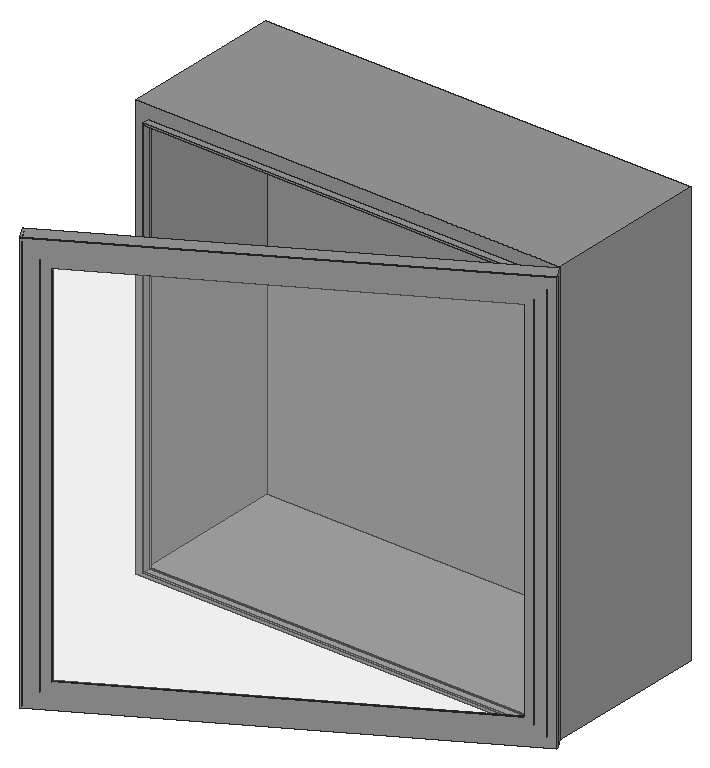
Revit family "Hager-Orion_Inox-IP66-D210-Cl.I-Inox_encl-630A-500mm-NoHosted-CH-it", category Equipement électrique, Revit 2020
Family settings
  Configuration du panneau = Deux colonnes, circuits au sein
  Cote de connecteur circulaire = Utiliser le diamètre
  Type d'élément = Tableau de raccordement
  Basée sur le plan de construction = Oui
  Toujours verticalement = Oui
  Couper avec des vides une fois chargée = Non
  Partagée = Non
  Point de calcul de pièce = Non
Parameters (values of type "A parete IP66 L500 A500 P210  - FL023TWL")
  Width Control [instance] = if([EF000008 - Larghezza] > Min Width, [EF000008 - Larghezza], Min Width)  # 500 mm
  Commentaires du type = [HG000003 - Gamma]  # "Orion Inox"
  Thickness Door [instance] = if([EF009171 - spessore materiale porta/coperchio] > 3 mm, 3 mm, [EF009171 - spessore materiale porta/coperchio])  # 1.5 mm
  Seal Frame Offset [instance] = 17 mm  # constant formula
  Min Width [instance] = 100 mm  # constant formula
  Min Depth [instance] = (2 * [EF009170 - spessore materiale scatola]) + 1 mm  # 4 mm
  Min Height [instance] = 100 mm  # constant formula
  Internal Frame Depth [instance] = -(Door System Depth * 0.5)  # -9 mm
  Panel Name [instance] = ""  # (empty or 0)
  Model = ""
  HG000027 - Altezza dello zoccolo = 0 mm
  HG000026 - A pavimento = no
  HG000024 - Altezza della sezione inferiore = 600 mm
  HG000023 - Custodia a doppia sezione = no
  HG000016 - Visibilità delle porte nella vista 3D [instance] = yes
  HG000015 - Visibilità attraverso la porta [instance] = no
  HG000014 - Porta destra [instance] = yes
  HG000013 - Porta sinistra [instance] = not([HG000014 - Porta destra])  # no
  HG000012 - Angolo di apertura della porta [instance] = 30.00°
  HG000010 - Porte asimmetriche = no
  HG000009 - Porta doppia a battente = no
  HG000006 - Ad incasso = no
  HG000004 - Codice produttore = "FL023TWL"
  HG000003 - Gamma = "Orion Inox"
  HG000002 - Con porta = yes
  Frame Offset Bottom [instance] = 10 mm  # constant formula
  Frame Offset [instance] = 15 mm  # constant formula
  EF015940 - Coprire con rilascio di sovrapressione = no
  EF011959 - tipo di protezione (NEMA) = ""
  EF009554 - numero delle aperture per la piastra della flangia = 0
  EF009212 - esecuzione coperchio = "EV000116 - chiuso"
  EF009171 - spessore materiale porta/coperchio = 1.5 mm
  EF009170 - spessore materiale scatola = 1.5 mm
  EF008873 - corrente nominale (In) = 630 A
  EF007800 - adatto per parafulmine = no
  EF006306 - con serratura = yes
  EF006244 - coperchio/porta trasparente = yes
  EF005474 - grado di protezione (IP) = "EV006422 - IP66"
  EF004464 - tipo di porta = "EV002646 - singolo"
  EF004427 - numero di moduli = 0
  EF004293 - resistenza agli urti = "EV006814 - IK08"
  EF003532 - adatto per uso esterno = yes
  EF002950 - Numero moduli DIN = 0
  EF001613 - Integrità del circuito = "EV000494 - senza"
  EF001596 - Attacco Lampada = "EV000166 - acciaio inossidabile"
  EF001131 - profondità interna = 176 mm
  EF001088 - possibilità di applicazione = yes
  EF000437 - numero di ingressi per conduttori = 0
  EF000339 - tipo di copertura = "EV004216 - porta"
  EF000266 - numero di file = 0
  EF000218 - profondità di incasso = 0 mm
  EF000118 - con piastra di montaggio = no
  EF000116 - numero RAL = ""
  EF000049 - profondità = 210 mm
  EF000040 - Altezza = 500 mm
  EF000008 - Larghezza = 500 mm
  EF000007 - colore = "EV000154 - altri"
  EF000003 - Tipo di montaggio = "EV000384 - A parete"
  Door System Leaf Tolerance [instance] = 1.5 mm  # constant formula
  Door System Depth [instance] = 18 mm  # constant formula
  Description = ""
  Default Elevation = 1219.2 mm
  Connector Offset [instance] = Height Control / 2  # 250 mm
  Fabricant = "Hager"  # constant formula
  Height Control [instance] = if([EF000040 - Altezza] > Min Height, [EF000040 - Altezza], Min Height)  # 500 mm
  Depth Control [instance] = if([EF000049 - profondità] > Min Depth, [EF000049 - profondità], Min Depth)  # 210 mm
Types (8, lengths in mm): name | Width Control | HG000004 - Codice produttore | EF009212 - esecuzione coperchio | EF006306 - con serratura | EF006244 - coperchio/porta trasparente | EF004293 - resistenza agli urti | EF001613 - Integrità del circuito | EF000008 - Larghezza
  A parete IP66 L400 A500 P210  - FL021BW | 400 | "FL021BW" | "EV009916 - con taglio" | no | no | "EV008784 - IK10" | "" | 400
  A parete IP66 L400 A500 P210  - FL021BWL | 400 | "FL021BWL" | "EV009916 - con taglio" | no | no | "EV008784 - IK10" | "" | 400
  A parete IP66 L400 A500 P210  - FL021TW | 400 | "FL021TW" | "EV000116 - chiuso" | yes | yes | "EV006814 - IK08" | "EV000494 - senza" | 400
  A parete IP66 L400 A500 P210  - FL021TWL | 400 | "FL021TWL" | "EV000116 - chiuso" | yes | yes | "EV006814 - IK08" | "EV000494 - senza" | 400
  A parete IP66 L500 A500 P210  - FL023BW | 500 | "FL023BW" | "EV000116 - chiuso" | yes | no | "EV008784 - IK10" | "EV000494 - senza" | 500
  A parete IP66 L500 A500 P210  - FL023BWL | 500 | "FL023BWL" | "EV000116 - chiuso" | yes | no | "EV008784 - IK10" | "EV000494 - senza" | 500
  A parete IP66 L500 A500 P210  - FL023TW | 500 | "FL023TW" | "EV000116 - chiuso" | yes | yes | "EV006814 - IK08" | "EV000494 - senza" | 500
  A parete IP66 L500 A500 P210  - FL023TWL | 500 | "FL023TWL" | "EV000116 - chiuso" | yes | yes | "EV006814 - IK08" | "EV000494 - senza" | 500
Reference planes
  plane 1 "Center (Front/Back)": y = 0
  plane 2: z = 0
  plane 3 "Center (Left/Right)": x = 0
  plane 4: y = 0
  plane 5: y = 0
  plane 6: z = 0
  plane 7: x = -250
  plane 8: x = 250
  plane 9: x = 248.5
  plane 10: x = -248.5
  plane 11: z = 0
  plane 12: z = 1.5
  plane 13: y = -210
  plane 14: y = -1.5
  plane 15: x = 0
  plane 16: y = -192
  plane 17: y = -208.5
  plane 18: y = -190.5
  plane 19: x = -233.5
  plane 20: x = 233.5
  plane 21: z = 11.5
  plane 22: x = -233
  plane 23: x = 233
  plane 24: z = 0
  plane 25: z = 500
  plane 26: z = 500
  plane 27: z = 483.5
  plane 28: z = 498.5
Forms (mm)
  Extrusion 1, solid, material "Hager_Stainless_Steel", detail levels medium+fine
    sketch origin (-208.679, -4572, 0) x (-1, 0, 0) y (0, -1, 0)
      loop
        line (41.321, -4380) -> (-458.679, -4380) -> (-458.679, -4572) -> (41.321, -4572) -> (41.321, -4380)
    from 0 to 500
  Extrusion 2, void
    sketch origin (-350.771, -210, 1219.2) x (1, 0, 0) y (0, 0, 1)
      loop
        line (102.271, -720.7) -> (102.271, -1217.7) -> (599.271, -1217.7) -> (599.271, -720.7) -> (102.271, -720.7)
    from -19.5 to -208.5
  Extrusion 3, void
    sketch origin (-290.084, -192, 1219.2) x (1, 0, 0) y (0, 0, 1)
      loop
        line (56.584, -1207.7) -> (523.584, -1207.7) -> (523.584, -735.7) -> (56.584, -735.7) -> (56.584, -1207.7)
    from 0 to -1.5
  Extrusion 4, solid, material "Hager_Stainless_Steel", detail levels fine
    sketch origin (-290.084, -192, 1219.2) x (-1, 0, 0) y (0, 0, 1)
      loop
        line (-523.584, -1207.7) -> (-56.584, -1207.7) -> (-56.584, -735.7) -> (-523.584, -735.7) -> (-523.584, -1207.7)
      loop
        line (-525.084, -1209.2) -> (-55.084, -1209.2) -> (-55.084, -734.2) -> (-525.084, -734.2) -> (-525.084, -1209.2)
    from 0 to -9 <- "Internal Frame Depth"
  Extrusion 5, solid, material "Hager_Stainless_Steel", detail levels coarse
    sketch origin (0, 0, 0) x (1, 0, 0) y (0, 1, 0)
      loop
        line (-250, 0) -> (-250, -210) -> (250, -210) -> (250, 0) -> (-250, 0)
    from 0 to 500 <- "Height Control"
Cuts and joins
  Extrusion 2, Extrusion 3 cuts Extrusion 1
Lines and regions (mm)
  Masking region 1
    outline origin (0, 0, 0) x (1, 0, 0) y (0, 1, 0)
      loop
        line (-250, 0) -> (-250, -210) -> (250, -210) -> (250, 0) -> (-250, 0)
  Masking region 2
    outline origin (-290.084, -192, 1219.2) x (-1, 0, 0) y (0, 0, 1)
      loop
        line (-540.084, -1219.2) -> (-40.084, -1219.2) -> (-40.084, -719.2) -> (-540.084, -719.2) -> (-540.084, -1219.2)
  Masking region 3, detail levels coarse
    outline origin (0, 0, 0) x (0, 1, 0) y (0, 0, 1)
      loop
        line (0, 0) -> (0, 500) -> (-210, 500) -> (-210, 0) -> (0, 0)
  Masking region 4, detail levels medium+fine
    outline origin (0, 0, 594.038) x (0, 1, 0) y (0, 0, 1)
      loop
        line (0, -594.038) -> (0, -94.038) -> (-192, -94.038) -> (-192, -594.038) -> (0, -594.038)
Dimensions and locks
  locked: plane 1 "Center (Front/Back)" to plane 5
  "EF009170 - spessore materiale scatola": plane 7 to plane 10
  "EF009170 - spessore materiale scatola": plane 8 to plane 9
  equal spacing: plane 7, plane 3 "Center (Left/Right)", plane 8
  "Width Control": plane 7 to plane 8
  "Depth Control": plane 4 to plane 13
  "EF009170 - spessore materiale scatola": plane 4 to plane 14
  "Height Control": plane 25 to level
  "EF009170 - spessore materiale scatola": plane 12 to plane 11
  "EF009170 - spessore materiale scatola": plane 17 to plane 13
  "EF009170 - spessore materiale scatola": plane 18 to plane 16
  "Frame Offset Bottom": plane 21 to plane 12
  "Frame Offset": plane 10 to plane 19
  "Frame Offset": plane 9 to plane 20
  "Door System Depth": plane 16 to plane 13
  "Seal Frame Offset": plane 7 to plane 22
  "Seal Frame Offset": plane 8 to plane 23
  "EF009170 - spessore materiale scatola": plane 26 to plane 28
  "Frame Offset": plane 28 to plane 27
  "Connector Offset": plane 2 to connector elem
  "Thickness Door": cut or joined group of Extrusion 1, Extrusion 2, Extrusion 3 to Extrusion 4 sketch curve
  "Thickness Door": Extrusion 4 sketch curve to plane 19
  "Thickness Door": Extrusion 4 sketch curve to plane 20
  "Thickness Door": Extrusion 4 sketch curve to plane 27
  aligned and locked: Extrusion 2 sketch curve to plane 12
  aligned and locked: Extrusion 2 sketch curve to plane 9
  aligned and locked: Extrusion 2 sketch curve to plane 10
  aligned and locked: plane 14 to Extrusion 2
  aligned and locked: plane 4 to Extrusion 1 sketch curve
  aligned and locked: plane 8 to Extrusion 1 sketch curve
  aligned and locked: plane 7 to Extrusion 1 sketch curve
  aligned and locked: Extrusion 2 to plane 18
  aligned and locked: plane 19 to Extrusion 3 sketch curve
  aligned and locked: plane 20 to Extrusion 3 sketch curve
  aligned and locked: Extrusion 3 to Extrusion 2
  aligned and locked: Extrusion 3 sketch curve to plane 21
  aligned and locked: plane 3 "Center (Left/Right)" to nested 1
  aligned and locked: Extrusion 1 sketch curve to plane 16
  aligned and locked: Masking region 1 sketch curve to plane 7
  aligned and locked: Masking region 1 sketch curve to plane 5
  aligned and locked: Masking region 1 sketch curve to plane 8
  aligned and locked: Masking region 2 sketch curve to level
  aligned and locked: level to Masking region 3 sketch curve
  aligned and locked: plane 1 "Center (Front/Back)" to Masking region 3 sketch curve
  aligned and locked: plane 13 to Masking region 3 sketch curve
  aligned and locked: Masking region 2 sketch curve to plane 8
  aligned and locked: Masking region 2 sketch curve to plane 7
  aligned and locked: plane 7 to nested 2
  aligned and locked: nested 2 to plane 5
  aligned and locked: plane 5 to Masking region 4 sketch curve
  aligned and locked: plane 26 to Masking region 4 sketch curve
  aligned and locked: Extrusion 5 sketch curve to plane 8
  aligned and locked: Extrusion 5 sketch curve to plane 7
  aligned and locked: Extrusion 5 sketch curve to plane 5
  aligned and locked: Extrusion 3 sketch curve to plane 27
  aligned and locked: Extrusion 2 sketch curve to plane 28
  aligned and locked: Extrusion 4 sketch curve to plane 27
  aligned and locked: Extrusion 4 sketch curve to plane 20
  aligned and locked: Extrusion 4 sketch curve to plane 21
  aligned and locked: Extrusion 4 sketch curve to plane 19
  aligned and locked: Masking region 2 to plane 25
  aligned and locked: Masking region 4 sketch curve to plane 24
  aligned and locked: Masking region 1 to plane 13
  aligned and locked: nested 1 to plane 16
  aligned and locked: Masking region 3 to plane 25
  aligned and locked: Masking region 4 sketch curve to plane 16
  aligned and locked: plane 24 to plane 11
  aligned and locked: plane 26 to plane 25
  aligned and locked: level to plane 24
  aligned and locked: Extrusion 1 to Masking region 3
  aligned and locked: level to nested 1
Automatic sketch dimensions
  Extrusion 5 sketch curve to plane 13 = 0 mm
  plane 27 to Masking region 2 sketch curve = 16.5 mm
  plane 27 to Masking region 3 sketch curve = 16.5 mm
  Masking region 1 sketch curve to plane 13 = 0 mm
  Extrusion 3 sketch curve to plane 21 = 0 mm
  plane 19 to Extrusion 3 sketch curve = 0 mm
  Extrusion 3 sketch curve to plane 20 = 0 mm
Nested families
  nested 1: "EC000058_OrionInox_Door" at (0, -192, 0), Double <- "HG000009 - Porta doppia a battente", Transparent <- "EF006244 - coperchio/porta trasparente", Angle <- "HG000012 - Angolo di apertura della porta", Door_Right <- "HG000014 - Porta destra", Assymetrical <- "HG000010 - Porte asimmetriche", Door <- "HG000002 - Con porta", Width_Ctrl <- "Width Control", 3d_Door <- "HG000016 - Visibilità delle porte nella vista 3D", Clearance <- "HG000015 - Visibilità attraverso la porta", Door_Left <- "HG000013 - Porta sinistra", Width <- "Width Control", Door_Depth <- "Door System Depth", Leaf_Tolerance <- "Door System Leaf Tolerance", Height <- "Height Control", Thickness <- "Thickness Door", type "EC000058_OrionInox_Door", detail levels medium+fine
    with min_wh 4 mm, Width_Ctrl 500 mm, Width 500 mm, Transparent yes, Thickness 1.5 mm, Seal_Material Hager_Rubber, Leaf_Width 500 mm, Leaf_Tolerance_External_Sides 0 mm, Leaf_Tolerance 1.5 mm, Leaf_Offset 0 mm, Leaf_Height 497 mm, Leaf_2_Width 500 mm, Leaf_2_Offset 250 mm, Leaf_1_Width 500 mm, Leaf_1_Offset 250 mm, Height_Ctrl 500 mm, Height 500 mm, Glass_Material Hager_Glass, Double_Clearance_Ctrl no, Double no, Door_Right_Ctrl yes, Door_Right yes, Door_Material Hager_Stainless_Steel, Door_Left_Ctrl no, Door_Left no, Door_Depth 18 mm, Door yes, Clearance_Material Hager_Clearance, Clearance_Depth 500 mm, Clearance_Ctrl no, Clearance no, Assymetrical no, Angle 30.00°, 3d_Door yes
  nested 2: "Hager_Enclosure_Symbol" at (-250, 0, 0), Height <- "Depth Control", Width <- "Width Control", type "Hager_Enclosure_Symbol"
    with Width_Ctrl 500 mm, Width 500 mm, Height_Ctrl 210 mm, Height 210 mm, A_Width_Int 13.781 mm, A_Width 165.375 mm, A_Height_Ctrl 183.75 mm, A_Height 183.75 mm
Connectors
  electrical at (0, 0, 250)
    settings: on plane 1 "Center (Front/Back)", index 1, voltage 0 V, apparent load 0 VA, apparent load phase1 0 VA, apparent load phase2 0 VA, apparent load phase3 0 VA, power factor 1, load classification "Other", number of poles 1, system type 30, power factor state 1, is connector primary yes, connector utility no, sub classification motor no, connector description ""
Definition of nested family "EC000058_OrionInox_Door"
  Parameters (values of type "EC000058_OrionInox_Door")
    min_wh [instance] = (2 * Thickness) + 1 mm  # 11 mm
    Width_Ctrl [instance] = 400 mm
    Width [instance] = 500 mm
    Transparent [instance] = yes
    Thickness [instance] = 5 mm
    Seal_Material [instance] = none
    Leaf_Width [instance] = if((Width_Ctrl - 2 * Leaf_Tolerance_External_Sides) > 0 mm, (Width_Ctrl - 2 * Leaf_Tolerance_External_Sides), min_wh)  # 400 mm
    Leaf_Tolerance_External_Sides [instance] = 0 mm  # constant formula
    Leaf_Tolerance [instance] = 1.5 mm
    Leaf_Offset [instance] = 0 mm  # constant formula
    Leaf_Height [instance] = if((Height_Ctrl - 2 * Leaf_Tolerance) > 0 mm, (Height_Ctrl - 2 * Leaf_Tolerance), min_wh)  # 497 mm
    Leaf_2_Width [instance] = if(and(and(Double, Assymetrical), Door_Left), (Leaf_Width / 3) - (Leaf_Tolerance / 2), if(and(and(Double, Assymetrical), Door_Right), (Leaf_Width / 3) * 2 - (Leaf_Tolerance / 2), if(and(Double, not(Assymetrical)), (Leaf_Width / 2) - Leaf_Tolerance, Leaf_Width)))  # 400 mm
    Leaf_2_Offset [instance] = if(and(Double, Assymetrical), Leaf_2_Width / 2, if(and(Double, not(Assymetrical)), Leaf_Width / 4, Leaf_Width / 2))  # 200 mm
    Leaf_1_Width [instance] = if(and(and(Double, Assymetrical), Door_Right), (Leaf_Width / 3) - (Leaf_Tolerance / 2), if(and(and(Double, Assymetrical), Door_Left), (Width / 3) * 2 - (Leaf_Tolerance / 2), if(and(Double, not(Assymetrical)), (Leaf_Width / 2) - Leaf_Tolerance, Leaf_Width)))  # 400 mm
    Leaf_1_Offset [instance] = if(and(Double, Assymetrical), Leaf_1_Width / 2, if(and(Double, not(Assymetrical)), Leaf_Width / 4, Leaf_Width / 2))  # 200 mm
    Height_Ctrl [instance] = if(Height > min_wh, Height, min_wh)  # 500 mm
    Height [instance] = 500 mm
    Glass_Material [instance] = none
    Double_Clearance_Ctrl [instance] = and(Double, Clearance)  # no
    Double [instance] = no
    Door_Right_Ctrl [instance] = and(or(Door_Right, Double), Door)  # yes
    Door_Right [instance] = yes
    Door_Material [instance] = none
    Door_Left_Ctrl [instance] = and(or(Door_Left, Double), Door)  # no
    Door_Left [instance] = no
    Door_Depth [instance] = 30 mm
    Door [instance] = yes
    Default Elevation = 1219.2 mm
    Clearance_Material [instance] = none
    Clearance_Depth [instance] = if(Leaf_1_Width > Leaf_2_Width, Leaf_1_Width, Leaf_2_Width)  # 400 mm
    Clearance_Ctrl [instance] = and(not(Double), Clearance)  # yes
    Clearance [instance] = yes
    Assymetrical [instance] = yes
    Angle [instance] = 30.00°
    3d_Door [instance] = yes
  Reference planes
    plane 1 "Center (Front/Back)": y = 0
    plane 2 "Bottom": z = 0
    plane 3 "Center (Left/Right)": x = 0
    plane 4: z = 500
    plane 5: x = -200
    plane 6: x = 200
    plane 7: z = 500
    plane 8: x = -200
    plane 9: z = 0
    plane 10: x = 200
    plane 11: y = 0
    plane 12: z = 1.5
    plane 13: x = -600
    plane 14: y = -400
    plane 15: x = 600
    plane 16: x = 0
    plane 17: x = 0
    plane 18: x = -200
    plane 19: x = 200
    plane 20: z = 498.5
  Forms (mm)
    Extrusion 1, solid, material <- "Clearance_Material", visible <- "Double_Clearance_Ctrl"
      sketch origin (1200, 0, 0) x (1, 0, 0) y (0, 0, -1)
        loop
          line (-1800, -498.5) -> (-600, -498.5) -> (-600, 0) -> (-1800, 0) -> (-1800, -498.5)
      from 0 to -400
  Dimensions and locks
    equal spacing: plane 5, plane 3 "Center (Left/Right)", plane 6
    "Width_Ctrl": plane 5 to plane 6
    "Leaf_Offset": plane 5 to plane 8
    "Leaf_Offset": plane 6 to plane 10
    "Leaf_Offset": plane 9 to level
    "Leaf_Offset": plane 4 to plane 7
    "Height_Ctrl": plane 4 to level
    "Leaf_Tolerance": plane 12 to plane 9
    locked: plane 11 to plane 1 "Center (Front/Back)"
    "Leaf_1_Offset": plane 18 to plane 16
    "Leaf_2_Offset": plane 17 to plane 19
    "Leaf_1_Width": plane 13 to plane 8
    "Leaf_2_Width": plane 10 to plane 15
    "Clearance_Depth": plane 14 to plane 1 "Center (Front/Back)"
    "Leaf_Tolerance_External_Sides": plane 8 to plane 18
    "Leaf_Tolerance_External_Sides": plane 19 to plane 10
    "Leaf_Tolerance": plane 7 to plane 20
    aligned and locked: level to plane 2 "Bottom"
    aligned and locked: nested 1 to plane 16
    aligned and locked: nested 2 to plane 17
    aligned and locked: Extrusion 1 to plane 13
    aligned and locked: plane 15 to Extrusion 1
    aligned and locked: Extrusion 1 to plane 14
    aligned and locked: plane 12 to nested 1
    aligned and locked: nested 2 to plane 12
    aligned and locked: Extrusion 1 to plane 11
    aligned and locked: plane 20 to Extrusion 1
    aligned and locked: nested 2 to plane 11
    aligned and locked: nested 1 to plane 11
  Automatic sketch dimensions
    Extrusion 1 sketch curve to level = 0 mm
    plane 5 to Extrusion 1 sketch curve = 400 mm
    plane 6 to Extrusion 1 sketch curve = 400 mm
    Extrusion 1 sketch curve to plane 4 = 1.5 mm
  Nested families
    nested 1: "EC000058_OrionInox_Door_Leaf" at (0, 0, 1.5), Width <- "Leaf_1_Width", visible <- "Door_Left_Ctrl", Leaf_Height <- "Leaf_Height", Angle <- "Angle", 3d_Door <- "3d_Door", Transparent <- "Transparent", Clearance Material <- "Clearance_Material", Clearance <- "Clearance_Ctrl", Door_Material <- "Door_Material", Glass_Material <- "Glass_Material", Door_Depth <- "Door_Depth", Seal_Material <- "Seal_Material", Thickness <- "Thickness", type "EC000058_OrionInox_Door_Leaf"
      with Width 400 mm, Transparent_Ctrl yes, Transparent yes, Thickness 5 mm, Standard no, Seal_Material none, Seal_D2 8 mm, Seal_D1 1 mm, Offset_Internal_Frame 10 mm, Lock_Width 28 mm, Lock_Thickness 2 mm, Lock_Radius 6 mm, Leaf_Height 497 mm, Internal_Seal_Thickness 8 mm, Internal_Seal_Depth_2 4.5 mm, Internal_Frame_Depth 25 mm, Glass_Thickness -1 mm, Glass_Offset -2 mm, Glass_Material none, Door_Material none, Door_Depth 30 mm, Clearance Material none, Clearance yes, Angle_Ctrl 30.00°, Angle 30.00°, 3d_Door yes
    nested 2: "EC000058_OrionInox_Door_Leaf" at (0, 0, 1.5) x (-1, 0, 0) z (0, 0, 1), Width <- "Leaf_2_Width", visible <- "Door_Right_Ctrl", Leaf_Height <- "Leaf_Height", Angle <- "Angle", 3d_Door <- "3d_Door", Transparent <- "Transparent", Clearance Material <- "Clearance_Material", Clearance <- "Clearance_Ctrl", Door_Material <- "Door_Material", Glass_Material <- "Glass_Material", Door_Depth <- "Door_Depth", Seal_Material <- "Seal_Material", Thickness <- "Thickness", type "EC000058_OrionInox_Door_Leaf"
      with Width 400 mm, Transparent_Ctrl yes, Transparent yes, Thickness 5 mm, Standard no, Seal_Material none, Seal_D2 8 mm, Seal_D1 1 mm, Offset_Internal_Frame 10 mm, Lock_Width 28 mm, Lock_Thickness 2 mm, Lock_Radius 6 mm, Leaf_Height 497 mm, Internal_Seal_Thickness 8 mm, Internal_Seal_Depth_2 4.5 mm, Internal_Frame_Depth 25 mm, Glass_Thickness -1 mm, Glass_Offset -2 mm, Glass_Material none, Door_Material none, Door_Depth 30 mm, Clearance Material none, Clearance yes, Angle_Ctrl 30.00°, Angle 30.00°, 3d_Door yes
  Definition of nested family "EC000058_OrionInox_Door_Leaf"
    Parameters (values of type "EC000058_OrionInox_Door_Leaf")
      Width [instance] = 450 mm
      Transparent_Ctrl [instance] = and(Transparent, [3d_Door])  # yes
      Transparent [instance] = yes
      Thickness [instance] = 5 mm
      Standard [instance] = and(not(Transparent), [3d_Door])  # no
      Seal_Material [instance] = none
      Seal_D2 [instance] = 8 mm  # constant formula
      Seal_D1 [instance] = 1 mm  # constant formula
      Offset_Internal_Frame [instance] = 10 mm  # constant formula
      Lock_Width [instance] = Door_Depth - Lock_Thickness  # 28 mm
      Lock_Thickness [instance] = 2 mm  # constant formula
      Lock_Radius [instance] = 6 mm  # constant formula
      Leaf_Height [instance] = 450 mm
      Internal_Seal_Thickness [instance] = 8 mm  # constant formula
      Internal_Seal_Depth_2 [instance] = 4.5 mm  # constant formula
      Internal_Frame_Depth [instance] = if(Door_Depth - Thickness > 5 mm, Door_Depth - Thickness, 5 mm)  # 25 mm
      Glass_Thickness [instance] = if(Thickness > 15 mm, Glass_Offset + 10 mm, -1 mm)  # -1 mm
      Glass_Offset [instance] = if(Thickness > 15 mm, -(Thickness + 10 mm) / 2, -2 mm)  # -2 mm
      Glass_Material [instance] = none
      Door_Material [instance] = none
      Door_Depth [instance] = 30 mm
      Default Elevation = 0 mm
      Clearance Material [instance] = none
      Clearance [instance] = yes
      Angle_Ctrl [instance] = if(Angle > 180.00°, 180.00°, Angle)  # 90.00°
      Angle [instance] = 90.00°
      3d_Door [instance] = yes
    Reference planes
      plane 1 "Center (Front/Back)": y = 0
      plane 2: z = 0
      plane 3 "Center (Left/Right)": x = 0
      plane 4: y = 450
      plane 5: x = -225
      plane 6: x = 225
      plane 7: x = -675
      plane 8: z = 450
      plane 9: z = 30
      plane 10: z = 420
      plane 11: x = 195
      plane 12: x = -195
      plane 13: y = -3
      plane 14: z = 107.833
      plane 15: y = -5
      plane 16: y = -223.314
      plane 17: x = -225
      plane 18: y = 30
    Forms (mm)
      Extrusion 1, solid, material <- "Clearance Material", visible <- "Clearance"
        sketch origin (0, 0, 0) x (1, 0, 0) y (0, 0, 1)
          loop
            line (-675, 450) -> (-675, 0) -> (225, 0) -> (225, 450) -> (-675, 450)
        from 0 to -450
      Extrusion 2, solid, material <- "Door_Material", visible <- "Standard", detail levels medium+fine
        sketch origin (-225, 0, 0) x (0, 1, 0) y (-1, 0, 0)
          loop
            line (0, 30) -> (0, 25) -> (450, 25) -> (450, 30) -> (0, 30)
        from 0 to 450 <- "Leaf_Height"
      Extrusion 3, solid, material <- "Door_Material", visible <- "Transparent_Ctrl", detail levels medium+fine
        sketch origin (-225, 0, 0) x (0, 1, 0) y (-1, 0, 0)
          loop
            line (0, 25) -> (450, 25) -> (450, 30) -> (0, 30) -> (0, 25)
        from 0 to 450 <- "Leaf_Height"
      Extrusion 4, void
        sketch origin (-250, 450, 0) x (0, 1, 0) y (0, 0, -1)
          loop
            line (-30, -420) -> (-30, -30) -> (-420, -30) -> (-420, -420) -> (-30, -420)
        from 0 to 5 <- "Thickness"
      Sweep 5, solid, material <- "Seal_Material", visible <- "Transparent_Ctrl", detail levels fine
        path in 3D
          loop
            line (-250, 30, 30) -> (-250, 30, 420) -> (-250, 420, 420) -> (-250, 420, 30) -> (-250, 30, 30)
        profile origin (-250, 225, 30) x (1, 0, 0) y (0, 0, 1)
          loop
            line (0, 0) -> (0, -8) -> (1, -8) -> (1, 0) -> (0, 0)
      Extrusion 6, solid, material <- "Glass_Material", visible <- "Transparent_Ctrl", detail levels medium+fine
        sketch origin (-255, 0, 0) x (0, 1, 0) y (0, 0, -1)
          loop
            line (420, -420) -> (420, -30) -> (30, -30) -> (30, -420) -> (420, -420)
        from -2 <- "Glass_Offset" to -1 <- "Glass_Thickness"
      Extrusion 7, solid, material <- "Door_Material", visible <- "3d_Door", detail levels medium+fine
        sketch origin (-250, 450, 0) x (0, -1, 0) y (0, 0, -1)
          loop
            line (0, -450) -> (450, -450) -> (450, 0) -> (0, 0) -> (0, -450)
          loop
            line (445, -5) -> (5, -5) -> (5, -445) -> (445, -445) -> (445, -5)
        from 0 to 25 <- "Internal_Frame_Depth"
      Sweep 8, solid, material <- "Seal_Material", visible <- "Transparent_Ctrl", detail levels fine
        path in 3D
          loop
            line (-250, 0, 0) -> (-250, 450, 0) -> (-250, 450, 450) -> (-250, 0, 450) -> (-250, 0, 0)
        profile origin (-250, 0, 225) x (1, 0, 0) y (0, 1, 0)
          loop
            line (0, 10) -> (2.975, 10)
            arc (2.975, 10) -> (4.053, 10.447) -> (4.5, 11.525) r 1.525
            line (4.5, 11.525) -> (4.5, 16.527)
            arc (4.5, 16.527) -> (4.069, 17.569) -> (3.027, 18) r 1.473
            line (3.027, 18) -> (0, 18) -> (0, 10)
    Cuts and joins
      Extrusion 4 cuts Extrusion 3
    Lines and regions (mm)
      Masking region 1, detail levels medium+fine
        outline origin (0, 0, 0) x (0, 1, 0) y (0, 0, 1)
          loop
            line (0, 0) -> (30, 0) -> (30, 450) -> (0, 450) -> (0, 0)
      Masking region 2, detail levels medium+fine
        outline origin (0, 0, 0) x (1, 0, 0) y (0, 0, 1)
          loop
            line (-225, 450) -> (-225, 0) -> (225, 0) -> (225, 450) -> (-225, 450)
      symbolic lines
        curve 1: line (225, 0, 0) -> (-675, 0, 0)
        curve 2: arc (225, 0, 0) -> (-225, 450, 0) -> (-675, 0, 0) r 450
        curve 4: line (-255, 0, 0) -> (-255, 450, 0)
      reference lines
        curve 3: line (-225, 0, 0) -> (-225, 450, 0)
      symbolic lines, detail levels medium+fine
        curve 5: line (-255, 450, 0) -> (-250, 450, 0)
        curve 7: line (-250, 0, 0) -> (-255, 0, 0)
        curve 8: line (-250, 0, 0) -> (-225, 0, 0)
        curve 9: line (-225, 0, 0) -> (-225, 450, 0)
        curve 10: line (-225, 450, 0) -> (-250, 450, 0)
      symbolic lines, detail levels fine
        curve 6: line (-250, 450, 0) -> (-250, 0, 0)
      sketch lines
        curve 11: line (-250, 0, 450) -> (-250, 0, 0)
        curve 12: line (-250, 450, 0) -> (-250, 0, 0)
        curve 13: line (-250, 450, 450) -> (-250, 450, 0)
        curve 14: line (-250, 0, 450) -> (-250, 450, 450)
        curve 15: line (-250, 420, 30) -> (-250, 30, 30)
        curve 16: line (-250, 30, 30) -> (-250, 30, 420)
        curve 17: line (-250, 420, 420) -> (-250, 420, 30)
        curve 18: line (-250, 30, 420) -> (-250, 420, 420)
      symbolic lines, visible <- "Transparent", detail levels medium+fine
        curve 19: line (-195, 0, 420) -> (195, 0, 420)
        curve 20: line (-195, 0, 30) -> (-195, 0, 420)
        curve 21: line (195, 0, 30) -> (-195, 0, 30)
        curve 22: line (195, 0, 420) -> (195, 0, 30)
    Dimensions and locks
      "Width": plane 1 "Center (Front/Back)" to plane 4
      equal spacing: plane 5, plane 3 "Center (Left/Right)", plane 6
      "Width": plane 5 to plane 6
      "Width": plane 7 to plane 5
      "Leaf_Height": plane 8 to level
      "Width": curve 5 to curve 3
      "Width": curve 3 to curve 3
      plane 8 to plane 10 = 30 mm
      plane 9 to level = 30 mm
      plane 12 to plane 5 = 30 mm
      plane 6 to plane 11 = 30 mm
      Extrusion 4 sketch curve to Extrusion 3 = 30 mm
      Extrusion 3 to Extrusion 4 sketch curve = 30 mm
      Extrusion 1 to Extrusion 4 sketch curve = 30 mm
      curve 3 to Extrusion 4 sketch curve = 30 mm
      Extrusion 4 sketch curve to cut or joined group of Extrusion 3, Extrusion 4 = 30 mm
      cut or joined group of Extrusion 3, Extrusion 4 to Extrusion 6 sketch curve = 30 mm
      cut or joined group of Extrusion 3, Extrusion 4 to Extrusion 4 sketch curve = 30 mm
      "Thickness": curve 6 to curve 4
      "Thickness": Extrusion 7 sketch curve to Extrusion 7 sketch curve  (x4)
      "Door_Depth": curve 4 to curve 3
      "Offset_Internal_Frame": profile plane to Sweep 8 sketch curve
      "Internal_Seal_Thickness": Sweep 8 sketch curve to Sweep 8 sketch curve
      "Internal_Seal_Depth_2": profile plane to Sweep 8 sketch curve
      "Seal_D1": profile plane to Sweep 5 sketch curve
      "Seal_D2": profile plane to Sweep 5 sketch curve
      "Thickness": Extrusion 2 sketch curve to Extrusion 2 sketch curve
      "Door_Depth": plane 18 to plane 1 "Center (Front/Back)"
      radius of Sweep 8 sketch curve = 1.525 mm
      radius of Sweep 8 sketch curve = 1.473 mm
      "Angle_Ctrl": angle plane 1 "Center (Front/Back)" to curve 3
      aligned and locked: level to plane 2
      aligned and locked: Extrusion 1 to curve 1
      aligned and locked: plane 6 to Extrusion 1
      aligned and locked: plane 1 "Center (Front/Back)" to Extrusion 1
      aligned and locked: plane 4 to Extrusion 1
      aligned and locked: plane 8 to Extrusion 1
      aligned and locked: curve 7 to Extrusion 2 sketch curve
      aligned and locked: curve 5 to Extrusion 2 sketch curve
      aligned and locked: curve 7 to Extrusion 3 sketch curve
      aligned and locked: Extrusion 3 sketch curve to curve 4
      aligned and locked: Extrusion 3 sketch curve to curve 6
      aligned and locked: Extrusion 3 sketch curve to curve 5
      aligned and locked: curve 9 to curve 3
      aligned and locked: Extrusion 7 sketch curve to cut or joined group of Extrusion 3, Extrusion 4  (x4)
      aligned and locked: plane 17 to curve 3
      aligned and locked: plane 1 "Center (Front/Back)" to curve 3
      aligned and locked: plane 17 to plane 5
      aligned and locked: Sweep 8 sketch curve to profile plane
      aligned and locked: Sweep 5 sketch curve to profile plane  (x2)
      aligned and locked: plane 1 "Center (Front/Back)" to Masking region 1 sketch curve
      aligned and locked: plane 18 to Masking region 1 sketch curve
      aligned and locked: level to Masking region 1 sketch curve
      aligned and locked: Masking region 1 sketch curve to plane 8
      aligned and locked: plane 17 to Masking region 2 sketch curve
      aligned and locked: level to Masking region 2 sketch curve
      aligned and locked: Masking region 2 sketch curve to plane 8
      aligned and locked: plane 12 to curve 20
      aligned and locked: plane 10 to curve 19
      aligned and locked: plane 11 to curve 22
      aligned and locked: plane 9 to curve 21
      aligned and locked: Extrusion 2 sketch curve to cut or joined group of Extrusion 3, Extrusion 4
    Automatic sketch dimensions
      plane 1 "Center (Front/Back)" to curve 2 = 0 mm
      curve 2 to plane 5 = 0 mm
      Extrusion 1 sketch curve to level = 0 mm
      Extrusion 1 sketch curve to plane 7 = 0 mm
      Extrusion 1 sketch curve to plane 6 = 0 mm
      Extrusion 1 sketch curve to plane 8 = 0 mm
      Extrusion 3 to Extrusion 6 sketch curve = 30 mm  (x4)
      Masking region 2 sketch curve to plane 6 = 0 mm
      curve 4 to curve 3 = 0 mm
Definition of nested family "Hager_Enclosure_Symbol"
  Parameters (values of type "Hager_Enclosure_Symbol")
    Width_Ctrl [instance] = if(Width > 1 mm, Width, 1 mm)  # 102.27 mm
    Width [instance] = 102.27 mm
    Height_Ctrl [instance] = if(Height > 1 mm, Height, 1 mm)  # 66.5 mm
    A_Width_Int [instance] = if(A_Width / 12 > 2 mm, A_Width / 12, 2 mm)  # 4.364 mm
    A_Width [instance] = if(A_Height_Ctrl * 0.9 > 2 mm, A_Height_Ctrl * 0.9, 2 mm)  # 52.369 mm
    A_Height_Ctrl [instance] = if(A_Height > 2 mm, A_Height, 2 mm)  # 58.188 mm
    Height [instance] = 66.5 mm
    A_Height [instance] = Height - (Height / 8)  # 58.188 mm
  Reference planes
    plane 1 "Centre (avant/arrière)": y = 0
    plane 2: z = 0
    plane 3 "Centre (gauche/droite)": x = 0
    plane 4: x = 52.369
    plane 5: y = 33.042
    plane 6: y = 41.77
    plane 7: y = 66.5
    plane 8: x = 26.184
    plane 9: y = 37.406
    plane 10: x = 102.27
    plane 11: y = 66.5
    plane 12: y = 8.313
  Lines and regions (mm)
    Filled region 1, type "Solid_Black", in view "Niveau de réf."
      outline origin (0, 0, 0) x (1, 0, 0) y (0, 1, 0)
        loop
          line (52.369, 66.5) -> (33.188, 54.536) -> (45.365, 45.006) -> (52.369, 66.5)
    Filled region 2, type "Solid_Black", in view "Niveau de réf."
      outline origin (0, 0, 0) x (1, 0, 0) y (0, 1, 0)
        loop
          line (0, 0) -> (102.27, 0) -> (102.27, 66.5) -> (0, 0)
    detail lines, in view "Niveau de réf."
      curve 1: line (0, 8.313, 0) -> (26.184, 41.77, 0)
      curve 2: line (26.184, 41.77, 0) -> (26.184, 33.042, 0)
      curve 3: line (26.184, 33.042, 0) -> (52.369, 66.5, 0)
  Dimensions and locks
    "A_Width": plane 3 "Centre (gauche/droite)" to plane 4
    equal spacing: plane 3 "Centre (gauche/droite)", plane 8, plane 4
    equal spacing: plane 6, plane 9, plane 5
    equal spacing: curve 3, Filled region 1 sketch curve, Filled region 1 sketch curve
    "Height_Ctrl": plane 1 "Centre (avant/arrière)" to plane 11
    "A_Height_Ctrl": plane 11 to plane 12
    equal spacing: plane 11, plane 9, plane 12
    "A_Width_Int": plane 6 to plane 9
    "Width_Ctrl": plane 3 "Centre (gauche/droite)" to plane 10
    angle Filled region 1 sketch curve to curve 3 = 20.00°
    angle curve 3 to Filled region 1 sketch curve = 20.00°
    locked: curve 3 to Filled region 1 sketch curve (angle 90.00°)
    aligned and locked: plane 10 to Filled region 2
    aligned and locked: plane 11 to Filled region 2 sketch curve
    aligned and locked: plane 10 to Filled region 2 sketch curve
    aligned and locked: plane 3 "Centre (gauche/droite)" to curve 1
    aligned and locked: plane 12 to curve 1
    aligned and locked: plane 7 to plane 11
  Automatic sketch dimensions
    Filled region 1 sketch curve to plane 4 = 0 mm
    Filled region 1 sketch curve to plane 7 = 0 mm
    plane 1 "Centre (avant/arrière)" to Filled region 2 sketch curve = 0 mm
    Filled region 2 sketch curve to plane 3 "Centre (gauche/droite)" = 0 mm
    curve 2 to plane 6 = 0 mm
    curve 2 to plane 8 = 0 mm
    curve 3 to plane 4 = 0 mm
    curve 2 to plane 5 = 0 mm
    curve 3 to plane 7 = 0 mm
